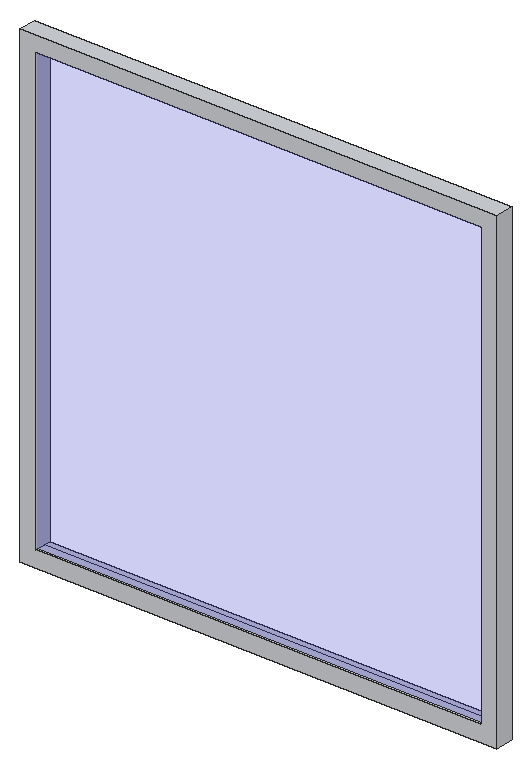
Revit family "Window-Fixed-Fleetwood-250T-O_GTF", category Windows, host Wall, Revit 2013
Parameters
  Wall_Thickness [instance] = 0' - 6"
  URL = "http://www.fleetwoodusa.com/"
  Type Comments = ""
  Shim_Space = 0' - 0 1/4"
  Rough Width = Width + (Shim_Space * 2)  # 5' - 0 1/2"
  Rough Height = Height + 0' 0 1/2" + (Shim_Space * 2)  # 5' - 1"
  Model = "Series 250-T"
  Manufacturer = "Fleetwood Windows and Doors"
  Interior_Wrap = 0' - 0 1/2"
  Height = 5' - 0"
  Glazing_Thickness = 0' - 1"
  Glazing_Material = none
  Glazing_Location = 0' - 0 17/64"  # constant formula
  Frame_Thickness = 0' - 2 1/4"  # constant formula
  Frame_Set_Back [instance] = (Wall_Thickness - Frame_Thickness) / 2  # 0' - 1 7/8"
  Frame_Finish = none
  Exterior_Wrap = 0' - 0 1/2"
  Description = ""
  Default Sill Height = 3' - 0"
  Wall Closure = By host
  Width = 5' - 0"
  Configuration = "O-GTF"
Reference planes (in)
  plane 1 "Center (Front/Back)": y = 0
  plane 2: z = 0
  plane 3 "Center (Left/Right)": x = 0
  plane 4 "Left": x = -30.25
  plane 5 "Right": x = 30.25
  plane 6 "Sill": z = 36
  plane 7 "Top": z = 97
  plane 8: y = 1.125
  plane 9: y = -1.125
  plane 10 "Exterior_Wrap_Right": x = -29.75
  plane 11 "Interior_Wrap_Right": x = -29.75
  plane 12 "Interior_Wrap_Left": x = 29.75
  plane 13 "Exterior_Wrap_Left": x = 29.75
  plane 14 "Interior_Wrap_Bottom": z = 36.5
  plane 15 "Exterior_Wrap_Top": z = 96.5
  plane 16 "Exterior_Wrap_Bottom": z = 36.5
  plane 17 "Interior_Wrap_Top": z = 96.5
  plane 18: y = 3
  plane 19: y = -3
  plane 20: y = 3
  plane 21: y = -3
  plane 22: x = 30
  plane 23: x = -30
  plane 24: z = 36.25
  plane 25: z = 96.25
  plane 26 "Glazing_Location": y = -0.85937
Forms (in)
  Extrusion 1, void
    sketch origin (0, 0, 36) x (0, -1, 0) y (1, 0, 0)
      loop
        line (-1.125, -30.25) -> (1.125, -30.25) -> (1.125, 30.25) -> (-1.125, 30.25) -> (-1.125, -30.25)
    from 0 to 61
  Extrusion 2, void
    sketch origin (0, 0, 36) x (-1, 0, 0) y (0, -1, 0)
      loop
        line (29.75, -3) -> (29.75, -1.125) -> (-29.75, -1.125) -> (-29.75, -3) -> (29.75, -3)
    from 0.5 to 60.5
  Extrusion 3, void
    sketch origin (0, 0, 36) x (-1, 0, 0) y (0, -1, 0)
      loop
        line (29.75, 1.125) -> (29.75, 3) -> (-29.75, 3) -> (-29.75, 1.125) -> (29.75, 1.125)
    from 0.5 to 60.5
  Sweep 4, solid, material <- "Frame_Finish"
    path origin (-60, 0, 0) x (-1, 0, 0) y (0, 0, 1)
      loop
        line (-90, 96.25) -> (-90, 36.25) -> (-30, 36.25) -> (-30, 96.25) -> (-90, 96.25)
    profile "Profile-Rectangular-Fleetwood-2D : Westwood 250-GTF" origin (0, 0, 96.25) x (0, 0, 1) y (0, 1, 0)
      loop
        line (-1.93359, -1.125) -> (0, -1.125) -> (0, 1.125) -> (-1.93359, 1.125) -> (-1.93359, -1.125)
  Extrusion 5, solid, material <- "Glazing_Material"
    sketch origin (-17.40043, -0.85937, 48) x (-1, 0, 0) y (0, 0, 1)
      loop
        line (-45.46684, 46.31641) -> (-45.46684, -9.81641) -> (10.66597, -9.81641) -> (10.66597, 46.31641) -> (-45.46684, 46.31641)
    from 0 to 1 <- "Glazing_Thickness"
Text (in)
  text "EXTERIOR" at (-58.6888, 50.90694, 0), in view "Ref. Level"
  text "INTERIOR" at (-58.6888, -37.76638, 0), in view "Ref. Level"
  text "Exterior" at (0, 43.65631, 123.19604), in view "Left"
  text "Exterior" at (0, 18.29385, 125.04747), in view "Right"
Dimensions and locks (in)
  equal spacing: plane 4 "Left", plane 3 "Center (Left/Right)", plane 5 "Right"
  "Rough Width": plane 4 "Left" to plane 5 "Right"
  "Rough Height": plane 6 "Sill" to plane 7 "Top"
  "Default Sill Height": plane 2 to plane 6 "Sill"
  "Interior_Wrap": plane 12 "Interior_Wrap_Left" to plane 5 "Right"
  "Interior_Wrap": plane 4 "Left" to plane 11 "Interior_Wrap_Right"
  "Exterior_Wrap": plane 13 "Exterior_Wrap_Left" to plane 5 "Right"
  "Exterior_Wrap": plane 4 "Left" to plane 10 "Exterior_Wrap_Right"
  "Interior_Wrap": plane 6 "Sill" to plane 14 "Interior_Wrap_Bottom"
  "Exterior_Wrap": plane 6 "Sill" to plane 16 "Exterior_Wrap_Bottom"
  "Interior_Wrap": plane 17 "Interior_Wrap_Top" to plane 7 "Top"
  "Exterior_Wrap": plane 15 "Exterior_Wrap_Top" to plane 7 "Top"
  "Frame_Thickness": plane 8 to plane 9
  equal spacing: plane 20, host wall, plane 21
  "Frame_Set_Back": plane 20 to plane 8
  "Wall_Thickness": host wall to host wall
  "Width": plane 23 to plane 22
  "Height": plane 24 to plane 25
  "Glazing_Location": plane 9 to plane 26 "Glazing_Location"
  equal spacing: plane 23, plane 3 "Center (Left/Right)", plane 22
  "Shim_Space": plane 6 "Sill" to plane 24
  aligned and locked: level to plane 2
  aligned and locked: Extrusion 1 to plane 8
  aligned and locked: plane 4 "Left" to Extrusion 1
  aligned and locked: Extrusion 1 to plane 9
  aligned and locked: Extrusion 1 to plane 5 "Right"
  aligned and locked: Extrusion 1 to plane 7 "Top"
  aligned and locked: host wall to plane 18
  aligned and locked: host wall to plane 19
  aligned and locked: plane 20 to host wall
  aligned and locked: plane 21 to host wall
  aligned and locked: host wall to plane 1 "Center (Front/Back)"
  aligned and locked: plane 13 "Exterior_Wrap_Left" to Extrusion 2 sketch curve
  aligned and locked: Extrusion 1 to Extrusion 2 sketch curve
  aligned and locked: Extrusion 2 sketch curve to plane 10 "Exterior_Wrap_Right"
  aligned and locked: Extrusion 2 to plane 8
  aligned and locked: Extrusion 2 to plane 13 "Exterior_Wrap_Left"
  aligned and locked: Extrusion 2 to plane 20
  aligned and locked: Extrusion 2 to plane 10 "Exterior_Wrap_Right"
  aligned and locked: Extrusion 3 sketch curve to plane 9
  aligned and locked: plane 11 "Interior_Wrap_Right" to Extrusion 3 sketch curve
  aligned and locked: plane 21 to Extrusion 3 sketch curve
  aligned and locked: Extrusion 3 sketch curve to plane 12 "Interior_Wrap_Left"
  aligned and locked: Extrusion 2 to plane 16 "Exterior_Wrap_Bottom"
  aligned and locked: Extrusion 2 to plane 15 "Exterior_Wrap_Top"
  aligned and locked: Extrusion 3 to plane 14 "Interior_Wrap_Bottom"
  aligned and locked: Extrusion 3 to plane 17 "Interior_Wrap_Top"
  aligned and locked: plane 25 to Sweep 4 sketch curve
  aligned and locked: Sweep 4 sketch curve to plane 23
  aligned and locked: Sweep 4 sketch curve to plane 24
  aligned and locked: Sweep 4 sketch curve to plane 22
  aligned and locked: Sweep 4 to Extrusion 5 sketch curve  (x2)
  aligned and locked: Extrusion 5 sketch curve to Sweep 4  (x2)
Automatic sketch dimensions
  Extrusion 1 sketch curve to plane 11 "Interior_Wrap_Right" = 0' - 0 1/2"
  Extrusion 1 sketch curve to plane 8 = 0' - 0"
  plane 5 "Right" to Extrusion 1 sketch curve = 0' - 0"
  host wall to Extrusion 1 sketch curve = 0' - 1 1/8"
  Extrusion 2 sketch curve to host wall = 0' - 0"
